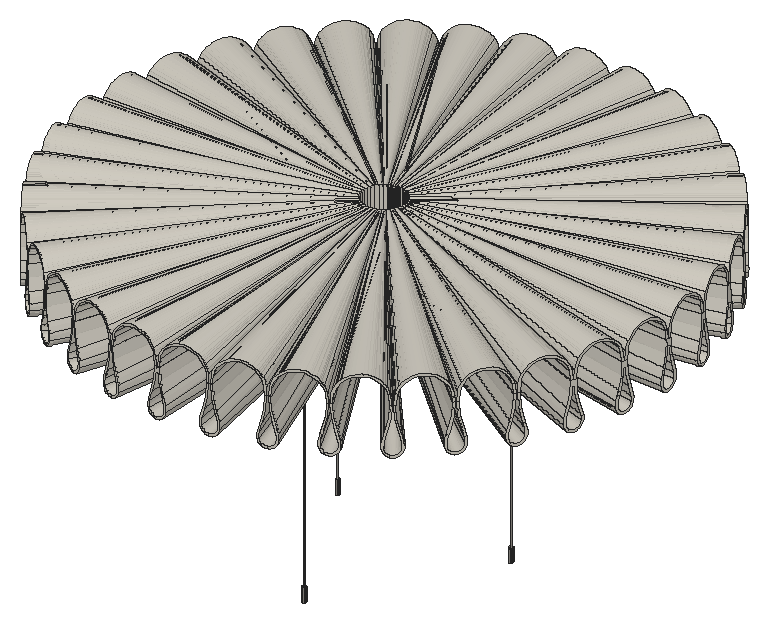
Revit family "Haworth_BuzziPleat_Ripple", category Furniture, host Face, Revit 2018
Family settings
  Host = Face
  Cut with Voids When Loaded = No
  Shared = No
  Room Calculation Point = No
Parameters (values of type "HCBZ-PESS-RL - Large")
  Warranty = "https://www.haworth.com/resources/product-info/warranties"
  URL - Product = "https://www.haworth.com/products/architectural-interiors/acoustic-solutions/buzzipleat"
  URL = "https://www.haworth.com/our-brands/haworth-collection"
  Trim Finish = Haworth _ Paint _ Collection Black
  Note = "Verify Final Dim. w/ Haworth"  # constant formula
  Model = "HCBZ-PESS"  # constant formula
  Min. Cable Length = 10.000"  # constant formula
  Medium = not(Large)  # no
  Max. Cable Length = 196.850"  # constant formula
  Manufacturer = "Haworth"  # constant formula
  Large = yes
  Fabric Finish [instance] = Haworth _ Fabric _ Buzzifelt _ Offwhite BFE-63
  Description = "Haworth BuzziPleat Screen - Ripple - Large"
  Default Elevation = 0.000"
  Cable Length [instance] = 24.000"
  Cable Finish [instance] = Haworth _ Metal _ Polished Aluminum
  Assembly Code = "E2020200"
  Actual Width = Actual Depth  # 59.060"
  Actual Height = if(Large, 7.680", 5.210")  # 7.680"
  Actual Depth = if(Large, 59.060", 39.370")  # 59.060"
  Actual Cable Length [instance] = if(Cable Length < Min. Cable Length, Min. Cable Length, if(Cable Length > Max. Cable Length, Max. Cable Length, Cable Length))  # 24.000"
Types (3): name | URL - Product | Medium | Large | Description | Actual Width | Actual Height | Actual Depth
  (no name) | "https://www.haworth.com/products/architectural-interiors/acoustic-solutions/buzzipleat" | no | yes | "Haworth BuzziPleat Screen - Ripple - Large" | 59.060" | 7.680" | 59.060"
  HCBZ-PESS-RL - Large | "https://www.haworth.com/products/architectural-interiors/acoustic-solutions/buzzipleat" | no | yes | "Haworth BuzziPleat Screen - Ripple - Large" | 59.060" | 7.680" | 59.060"
  HCBZ-PESS-RM - Medium | "https://www.haworth.com/products/architectural-interiors/acoustic-solutions/buzzidonut" | yes | no | "Haworth BuzziPleat Screen - Ripple - Medium" | 39.370" | 5.210" | 39.370"
Reference planes (in)
  plane 1 "Center (Front/Back)": y = 0
  plane 2: z = 0
  plane 3 "Center (Left/Right)": x = 0
  plane 4 "Cable Start": z = 1.37008
  plane 5: z = 25.42008
  plane 6 "Screen Bottom": z = 25.37008
  plane 7 "Back": y = 29.53
  plane 8 "Front": y = -29.53
  plane 9 "Left": x = 29.53
  plane 10 "Right": x = -29.53
Forms (in)
  Extrusion 1, solid, material "Haworth _ Paint _ Collection Black" <- "Trim Finish", visible <- "Medium"
    sketch origin (0, 0, 0) x (1, 0, 0) y (0, 1, 0)
      loop
        circle (0, -7.33625) r 0.19685
    from 0 to 1.37008
  Extrusion 2, solid, material "Haworth _ Metal _ Polished Aluminum" <- "Cable Finish", visible <- "Medium"
    sketch origin (0, 0, 0) x (1, 0, 0) y (0, 1, 0)
      loop
        circle (0, -7.336) r 0.03526
    from 1.37008 to 25.42008
  Extrusion 3, solid, material "Haworth _ Paint _ Collection Black" <- "Trim Finish", visible <- "Medium"
    sketch origin (-0.00471, -0.00816, 0) x (-0.5, 0.866025, 0) y (-0.866025, -0.5, 0)
      loop
        circle (0, -7.33625) r 0.19685
    from 0 to 1.37008
  Extrusion 4, solid, material "Haworth _ Metal _ Polished Aluminum" <- "Cable Finish", visible <- "Medium"
    sketch origin (-0.00471, -0.00816, 0) x (-0.5, 0.866025, 0) y (-0.866025, -0.5, 0)
      loop
        circle (0, -7.336) r 0.03526
    from 1.37008 to 25.42008
  Extrusion 5, solid, material "Haworth _ Paint _ Collection Black" <- "Trim Finish", visible <- "Medium"
    sketch origin (0.00471, -0.00816, 0) x (-0.5, -0.866025, 0) y (0.866025, -0.5, 0)
      loop
        circle (0, -7.33625) r 0.19685
    from 0 to 1.37008
  Extrusion 6, solid, material "Haworth _ Metal _ Polished Aluminum" <- "Cable Finish", visible <- "Medium"
    sketch origin (0.00471, -0.00816, 0) x (-0.5, -0.866025, 0) y (0.866025, -0.5, 0)
      loop
        circle (0, -7.336) r 0.03526
    from 1.37008 to 25.42008
  Extrusion 7, solid, material "Haworth _ Paint _ Collection Black" <- "Trim Finish", visible <- "Large"
    sketch origin (0, 0, 0) x (1, 0, 0) y (0, 1, 0)
      loop
        circle (0, -10.40586) r 0.19685
    from 0 to 1.37008
  Extrusion 8, solid, material "Haworth _ Metal _ Polished Aluminum" <- "Cable Finish", visible <- "Large"
    sketch origin (0, 0, 0) x (1, 0, 0) y (0, 1, 0)
      loop
        circle (0, -10.4094) r 0.04
    from 1.37008 to 25.42008
  Extrusion 9, solid, material "Haworth _ Paint _ Collection Black" <- "Trim Finish", visible <- "Large"
    sketch origin (-0.00471, -0.00816, 0) x (-0.5, 0.866025, 0) y (-0.866025, -0.5, 0)
      loop
        circle (0, -10.40586) r 0.19685
    from 0 to 1.37008
  Extrusion 10, solid, material "Haworth _ Metal _ Polished Aluminum" <- "Cable Finish", visible <- "Large"
    sketch origin (-0.00471, -0.00816, 0) x (-0.5, 0.866025, 0) y (-0.866025, -0.5, 0)
      loop
        circle (0, -10.4094) r 0.04
    from 1.37008 to 25.42008
  Extrusion 11, solid, material "Haworth _ Paint _ Collection Black" <- "Trim Finish", visible <- "Large"
    sketch origin (0.00942, 0, 0) x (-0.5, -0.866025, 0) y (0.866025, -0.5, 0)
      loop
        circle (0, -10.40586) r 0.19685
    from 0 to 1.37008
  Extrusion 12, solid, material "Haworth _ Metal _ Polished Aluminum" <- "Cable Finish", visible <- "Large"
    sketch origin (0.00942, 0, 0) x (-0.5, -0.866025, 0) y (0.866025, -0.5, 0)
      loop
        circle (0, -10.4094) r 0.04
    from 1.37008 to 25.42008
Dimensions and locks (in)
  locked: Extrusion 1 sketch curve to plane 1 "Center (Front/Back)" at 7.33625
  locked: plane 4 "Cable Start" to plane 2 at 1.37008
  locked: plane 5 to plane 6 "Screen Bottom" at 0.05
  "Actual Cable Length": plane 6 "Screen Bottom" to plane 4 "Cable Start"
  locked: Extrusion 2 sketch curve to plane 1 "Center (Front/Back)" at 7.336
  locked: Extrusion 5 sketch curve to plane 3 "Center (Left/Right)" at 6.34867
  locked: plane 1 "Center (Front/Back)" to Extrusion 5 sketch curve at 3.65997
  locked: Extrusion 6 sketch curve to plane 3 "Center (Left/Right)" at 6.34845
  locked: plane 1 "Center (Front/Back)" to Extrusion 6 sketch curve at 3.65984
  locked: plane 3 "Center (Left/Right)" to Extrusion 3 sketch curve at 6.34867
  locked: plane 1 "Center (Front/Back)" to Extrusion 3 sketch curve at 3.65997
  locked: plane 3 "Center (Left/Right)" to Extrusion 4 sketch curve at 6.34845
  locked: plane 1 "Center (Front/Back)" to Extrusion 4 sketch curve at 3.65984
  equal spacing: plane 10 "Right", plane 3 "Center (Left/Right)", plane 9 "Left"
  "Actual Width": plane 10 "Right" to plane 9 "Left"
  equal spacing: plane 7 "Back", plane 1 "Center (Front/Back)", plane 8 "Front"
  "Actual Depth": plane 7 "Back" to plane 8 "Front"
  locked: Extrusion 7 sketch curve to plane 1 "Center (Front/Back)" at 10.40586
  locked: Extrusion 8 sketch curve to plane 1 "Center (Front/Back)" at 10.4094
  locked: plane 3 "Center (Left/Right)" to Extrusion 9 sketch curve at 9.00703
  locked: plane 1 "Center (Front/Back)" to Extrusion 9 sketch curve at 5.19478
  locked: Extrusion 11 sketch curve to plane 3 "Center (Left/Right)" at 9.00232
  locked: plane 1 "Center (Front/Back)" to Extrusion 11 sketch curve at 5.20293
  aligned and locked: plane 2 to host face
  aligned and locked: level to host face
  aligned and locked: plane 1 "Center (Front/Back)" to nested 1
  aligned and locked: plane 3 "Center (Left/Right)" to nested 1
  aligned and locked: Extrusion 1 to plane 2
  aligned and locked: plane 4 "Cable Start" to Extrusion 1
  aligned and locked: nested 1 to plane 6 "Screen Bottom"
  aligned and locked: Extrusion 2 to plane 4 "Cable Start"
  aligned and locked: plane 5 to Extrusion 2
  aligned and locked: Extrusion 5 to plane 2
  aligned and locked: plane 4 "Cable Start" to Extrusion 5
  aligned and locked: Extrusion 6 to plane 4 "Cable Start"
  aligned and locked: Extrusion 1 to plane 4 "Cable Start"  (x2)
  aligned and locked: plane 4 "Cable Start" to Extrusion 2
  aligned and locked: plane 2 to Extrusion 1
  aligned and locked: plane 4 "Cable Start" to Extrusion 3
  aligned and locked: Extrusion 4 to plane 4 "Cable Start"
  aligned and locked: Extrusion 3 to plane 2
  aligned and locked: plane 5 to Extrusion 4
  aligned and locked: plane 5 to Extrusion 6
  aligned and locked: plane 3 "Center (Left/Right)" to Extrusion 7 sketch curve
  aligned and locked: Extrusion 7 to plane 2
  aligned and locked: plane 4 "Cable Start" to Extrusion 7
  aligned and locked: plane 3 "Center (Left/Right)" to Extrusion 8 sketch curve
  aligned and locked: Extrusion 8 to plane 4 "Cable Start"
  aligned and locked: plane 5 to Extrusion 8
  aligned and locked: plane 4 "Cable Start" to Extrusion 9
  aligned and locked: Extrusion 10 to plane 4 "Cable Start"
  aligned and locked: Extrusion 9 to plane 2
  aligned and locked: plane 5 to Extrusion 10
  aligned and locked: plane 5 to Extrusion 12
  aligned and locked: plane 4 "Cable Start" to Extrusion 11
  aligned and locked: Extrusion 12 to plane 4 "Cable Start"
  aligned and locked: Extrusion 11 to plane 2
  aligned and locked: nested 2 to plane 6 "Screen Bottom"
  aligned and locked: plane 3 "Center (Left/Right)" to nested 2
  aligned and locked: plane 1 "Center (Front/Back)" to nested 2
Automatic sketch dimensions
  host sketch curve to host sketch curve = 59.060"  (x2)
  Extrusion 1 sketch curve to plane 3 "Center (Left/Right)" = 0.000"
  Extrusion 2 sketch curve to plane 3 "Center (Left/Right)" = 0.000"
  Extrusion 10 sketch curve to plane 1 "Center (Front/Back)" = 5.19654"
  plane 3 "Center (Left/Right)" to Extrusion 10 sketch curve = 9.0101"
  Extrusion 12 sketch curve to plane 1 "Center (Front/Back)" = 5.2047"
  Extrusion 12 sketch curve to plane 3 "Center (Left/Right)" = 9.00539"
  radius of Extrusion 1 sketch curve = 0.19685"
  radius of Extrusion 2 sketch curve = 0.03526"
  radius of Extrusion 3 sketch curve = 0.19685"
  radius of Extrusion 4 sketch curve = 0.03526"
  radius of Extrusion 5 sketch curve = 0.19685"
  radius of Extrusion 6 sketch curve = 0.03526"
  radius of Extrusion 7 sketch curve = 0.19685"
  radius of Extrusion 8 sketch curve = 0.040"
  radius of Extrusion 9 sketch curve = 0.19685"
  radius of Extrusion 10 sketch curve = 0.040"
  radius of Extrusion 11 sketch curve = 0.19685"
  radius of Extrusion 12 sketch curve = 0.040"
Nested families (in)
  nested 1: "Haworth_BuzziPleat_Ripple_Medium_PART" at (0, 0, 25.37008), visible <- "Medium", type "Screen"
  nested 2: "Haworth_BuzziPleat_Ripple_Large_PART" at (0, 0, 25.37008), visible <- "Large", type "Screen"
Definition of nested family "Haworth_BuzziPleat_Ripple_Medium_PART"
  Parameters (values of type "Screen")
    Warranty = "https://www.haworth.com/resources/product-info/warranties"
    URL - Product = "https://www.haworth.com/products/architectural-interiors/acoustic-solutions/buzzipleat"
    URL = "https://www.haworth.com/our-brands/haworth-collection"
    Trim Finish = none
    Revision = "1"  # constant formula
    Note = "Verify Final Dim. w/ Haworth"  # constant formula
    Model = "HCBZ-PESS"  # constant formula
    Manufacturer = "Haworth"  # constant formula
    Fabric Finish = none
    Description = "Haworth - BuzziPleat - Medium Ripple Part"  # constant formula
    Author = "Haworth (Alias)"  # constant formula
    Assembly Code = "E2020200"
    Actual Width = 39.370"  # constant formula
    Actual Height = 5.210"  # constant formula
    Actual Depth = 39.370"  # constant formula
  Reference planes (in)
    plane 1 "Center (Front/Back)": y = 0
    plane 2: z = 0
    plane 3 "Center (Left/Right)": x = 0
    plane 4: z = 5.21
    plane 5 "Side Blend": through (-2.08982, -31.31606, 47.24409) normal (-0.0872, 0.9962, 0)
    plane 6 "Back": y = 19.685
    plane 7 "Front": y = -19.685
    plane 8 "Right": x = 19.685
    plane 9 "Left": x = -19.685
  Forms (in)
    Revolve 1, solid, material <- "Trim Finish"
      sketch origin (0, 0, 0) x (0, 1, 0) y (0, 0, 1)
        loop
          circle (-3.34646, 0.15003) r 0.19685
        loop
          circle (-7.28333, 0.14704) r 0.19685
        axis (0, 0.14704) -> (0, 0.18641)
      angle from 0 to 360
  Lines and regions (in)
    Masking region 1
      outline origin (0, 0, 0) x (1, 0, 0) y (0, 1, 0)
        loop
          circle (0, 0) r 19.685
    symbolic lines, detail levels medium+fine
      curve 1: circle (0, 0, 0) r 2.065 normal (0, 0, 1)
  Dimensions and locks (in)
    equal spacing: plane 7 "Front", plane 1 "Center (Front/Back)", plane 6 "Back"
    "Actual Depth": plane 6 "Back" to plane 7 "Front"
    equal spacing: plane 9 "Left", plane 3 "Center (Left/Right)", plane 8 "Right"
    "Actual Width": plane 9 "Left" to plane 8 "Right"
    "Actual Height": plane 4 to plane 2
    aligned and locked: level to plane 2
    aligned and locked: Revolve 1 sketch curve to plane 1 "Center (Front/Back)"
    aligned and locked: plane 1 "Center (Front/Back)" to Masking region 1 sketch curve
    aligned and locked: plane 3 "Center (Left/Right)" to Masking region 1 sketch curve
    aligned and locked: plane 1 "Center (Front/Back)" to nested 2
    aligned and locked: plane 1 "Center (Front/Back)" to nested 1
    aligned and locked: plane 3 "Center (Left/Right)" to nested 1
    aligned and locked: plane 3 "Center (Left/Right)" to nested 2
  Automatic sketch dimensions
    plane 1 "Center (Front/Back)" to curve 1 = 0.000"
    curve 1 to plane 3 "Center (Left/Right)" = 0.000"
    level to Revolve 1 sketch curve = 0.14704"
    level to Revolve 1 sketch curve = 0.15003"
    Revolve 1 sketch curve to level = 4.000"
    plane 4 to Revolve 1 sketch curve = 1.070"
    plane 1 "Center (Front/Back)" to Revolve 1 sketch curve = 3.34646"
    Revolve 1 sketch curve to Revolve 1 sketch curve = 3.93687"
    radius of Masking region 1 sketch curve = 19.685"
    radius of curve 1 = 2.065"
    radius of Revolve 1 sketch curve = 0.19685"  (x2)
  Nested families (in)
    nested 1: "Haworth_BuzziPleat_Ripple_MediumTop_PART" at (0, 0, 0), type "Screen"
    nested 2: "Haworth_BuzziPleat_Ripple_MediumBottom_PART" at (0, 0, 0), type "Screen"
    nested 3: "Haworth_BuzziPleat_Ripple_MediumTop_PART" at (-0.00107, -0.00009, 0) x (0.9848, 0.1736, 0) z (0, 0, 1), type "Screen"
    nested 4: "Haworth_BuzziPleat_Ripple_MediumTop_PART" at (-0.00211, -0.00037, 0) x (0.9397, 0.342, 0) z (0, 0, 1), type "Screen"
    nested 5: "Haworth_BuzziPleat_Ripple_MediumTop_PART" at (-0.00308, -0.00082, 0) x (0.866, 0.5, 0) z (0, 0, 1), type "Screen"
    nested 6: "Haworth_BuzziPleat_Ripple_MediumTop_PART" at (-0.00396, -0.00144, 0) x (0.766, 0.6428, 0) z (0, 0, 1), type "Screen"
    nested 7: "Haworth_BuzziPleat_Ripple_MediumTop_PART" at (-0.00472, -0.0022, 0) x (0.6428, 0.766, 0) z (0, 0, 1), type "Screen"
    nested 8: "Haworth_BuzziPleat_Ripple_MediumTop_PART" at (-0.00533, -0.00308, 0) x (0.5, 0.866, 0) z (0, 0, 1), type "Screen"
    nested 9: "Haworth_BuzziPleat_Ripple_MediumTop_PART" at (-0.00579, -0.00405, 0) x (0.342, 0.9397, 0) z (0, 0, 1), type "Screen"
    nested 10: "Haworth_BuzziPleat_Ripple_MediumTop_PART" at (-0.00606, -0.00509, 0) x (0.1736, 0.9848, 0) z (0, 0, 1), type "Screen"
    nested 11: "Haworth_BuzziPleat_Ripple_MediumTop_PART" at (-0.00616, -0.00616, 0) x (0, 1, 0) z (0, 0, 1), type "Screen"
    nested 12: "Haworth_BuzziPleat_Ripple_MediumTop_PART" at (-0.00606, -0.00723, 0) x (-0.1736, 0.9848, 0) z (0, 0, 1), type "Screen"
    nested 13: "Haworth_BuzziPleat_Ripple_MediumTop_PART" at (-0.00579, -0.00826, 0) x (-0.342, 0.9397, 0) z (0, 0, 1), type "Screen"
    nested 14: "Haworth_BuzziPleat_Ripple_MediumTop_PART" at (-0.00533, -0.00924, 0) x (-0.5, 0.866, 0) z (0, 0, 1), type "Screen"
    nested 15: "Haworth_BuzziPleat_Ripple_MediumTop_PART" at (-0.00472, -0.01012, 0) x (-0.6428, 0.766, 0) z (0, 0, 1), type "Screen"
    nested 16: "Haworth_BuzziPleat_Ripple_MediumTop_PART" at (-0.00396, -0.01087, 0) x (-0.766, 0.6428, 0) z (0, 0, 1), type "Screen"
    nested 17: "Haworth_BuzziPleat_Ripple_MediumTop_PART" at (-0.00308, -0.01149, 0) x (-0.866, 0.5, 0) z (0, 0, 1), type "Screen"
    nested 18: "Haworth_BuzziPleat_Ripple_MediumTop_PART" at (-0.00211, -0.01194, 0) x (-0.9397, 0.342, 0) z (0, 0, 1), type "Screen"
    nested 19: "Haworth_BuzziPleat_Ripple_MediumTop_PART" at (-0.00107, -0.01222, 0) x (-0.9848, 0.1736, 0) z (0, 0, 1), type "Screen"
    nested 20: "Haworth_BuzziPleat_Ripple_MediumTop_PART" at (0, -0.01231, 0) x (-1, 0, 0) z (0, 0, 1), type "Screen"
    nested 21: "Haworth_BuzziPleat_Ripple_MediumTop_PART" at (0.00107, -0.01222, 0) x (-0.9848, -0.1736, 0) z (0, 0, 1), type "Screen"
    nested 22: "Haworth_BuzziPleat_Ripple_MediumTop_PART" at (0.00211, -0.01194, 0) x (-0.9397, -0.342, 0) z (0, 0, 1), type "Screen"
    nested 23: "Haworth_BuzziPleat_Ripple_MediumTop_PART" at (0.00308, -0.01149, 0) x (-0.866, -0.5, 0) z (0, 0, 1), type "Screen"
    nested 24: "Haworth_BuzziPleat_Ripple_MediumTop_PART" at (0.00396, -0.01087, 0) x (-0.766, -0.6428, 0) z (0, 0, 1), type "Screen"
    nested 25: "Haworth_BuzziPleat_Ripple_MediumTop_PART" at (0.00472, -0.01012, 0) x (-0.6428, -0.766, 0) z (0, 0, 1), type "Screen"
    nested 26: "Haworth_BuzziPleat_Ripple_MediumTop_PART" at (0.00533, -0.00924, 0) x (-0.5, -0.866, 0) z (0, 0, 1), type "Screen"
    nested 27: "Haworth_BuzziPleat_Ripple_MediumTop_PART" at (0.00579, -0.00826, 0) x (-0.342, -0.9397, 0) z (0, 0, 1), type "Screen"
    nested 28: "Haworth_BuzziPleat_Ripple_MediumTop_PART" at (0.00606, -0.00723, 0) x (-0.1736, -0.9848, 0) z (0, 0, 1), type "Screen"
    nested 29: "Haworth_BuzziPleat_Ripple_MediumTop_PART" at (0.00616, -0.00616, 0) x (0, -1, 0) z (0, 0, 1), type "Screen"
    nested 30: "Haworth_BuzziPleat_Ripple_MediumTop_PART" at (0.00606, -0.00509, 0) x (0.1736, -0.9848, 0) z (0, 0, 1), type "Screen"
    nested 31: "Haworth_BuzziPleat_Ripple_MediumTop_PART" at (0.00579, -0.00405, 0) x (0.342, -0.9397, 0) z (0, 0, 1), type "Screen"
    nested 32: "Haworth_BuzziPleat_Ripple_MediumTop_PART" at (0.00533, -0.00308, 0) x (0.5, -0.866, 0) z (0, 0, 1), type "Screen"
    nested 33: "Haworth_BuzziPleat_Ripple_MediumTop_PART" at (0.00472, -0.0022, 0) x (0.6428, -0.766, 0) z (0, 0, 1), type "Screen"
    nested 34: "Haworth_BuzziPleat_Ripple_MediumTop_PART" at (0.00396, -0.00144, 0) x (0.766, -0.6428, 0) z (0, 0, 1), type "Screen"
    nested 35: "Haworth_BuzziPleat_Ripple_MediumTop_PART" at (0.00308, -0.00082, 0) x (0.866, -0.5, 0) z (0, 0, 1), type "Screen"
    nested 36: "Haworth_BuzziPleat_Ripple_MediumTop_PART" at (0.00211, -0.00037, 0) x (0.9397, -0.342, 0) z (0, 0, 1), type "Screen"
    nested 37: "Haworth_BuzziPleat_Ripple_MediumTop_PART" at (0.00107, -0.00009, 0) x (0.9848, -0.1736, 0) z (0, 0, 1), type "Screen"
    nested 38: "Haworth_BuzziPleat_Ripple_MediumBottom_PART" at (0, 0, 0) x (0.9848, 0.1736, 0) z (0, 0, 1), type "Screen"
    nested 39: "Haworth_BuzziPleat_Ripple_MediumBottom_PART" at (0, 0, 0) x (0.9397, 0.342, 0) z (0, 0, 1), type "Screen"
    nested 40: "Haworth_BuzziPleat_Ripple_MediumBottom_PART" at (0, 0, 0) x (0.866, 0.5, 0) z (0, 0, 1), type "Screen"
    nested 41: "Haworth_BuzziPleat_Ripple_MediumBottom_PART" at (0, 0, 0) x (0.766, 0.6428, 0) z (0, 0, 1), type "Screen"
    nested 42: "Haworth_BuzziPleat_Ripple_MediumBottom_PART" at (0, 0, 0) x (0.6428, 0.766, 0) z (0, 0, 1), type "Screen"
    nested 43: "Haworth_BuzziPleat_Ripple_MediumBottom_PART" at (0, 0, 0) x (0.5, 0.866, 0) z (0, 0, 1), type "Screen"
    nested 44: "Haworth_BuzziPleat_Ripple_MediumBottom_PART" at (0, 0, 0) x (0.342, 0.9397, 0) z (0, 0, 1), type "Screen"
    nested 45: "Haworth_BuzziPleat_Ripple_MediumBottom_PART" at (0, 0, 0) x (0.1736, 0.9848, 0) z (0, 0, 1), type "Screen"
    nested 46: "Haworth_BuzziPleat_Ripple_MediumBottom_PART" at (0, 0, 0) x (0, 1, 0) z (0, 0, 1), type "Screen"
    nested 47: "Haworth_BuzziPleat_Ripple_MediumBottom_PART" at (0, 0, 0) x (-0.1736, 0.9848, 0) z (0, 0, 1), type "Screen"
    nested 48: "Haworth_BuzziPleat_Ripple_MediumBottom_PART" at (0, 0, 0) x (-0.342, 0.9397, 0) z (0, 0, 1), type "Screen"
    nested 49: "Haworth_BuzziPleat_Ripple_MediumBottom_PART" at (0, 0, 0) x (-0.5, 0.866, 0) z (0, 0, 1), type "Screen"
    nested 50: "Haworth_BuzziPleat_Ripple_MediumBottom_PART" at (0, 0, 0) x (-0.6428, 0.766, 0) z (0, 0, 1), type "Screen"
    nested 51: "Haworth_BuzziPleat_Ripple_MediumBottom_PART" at (0, 0, 0) x (-0.766, 0.6428, 0) z (0, 0, 1), type "Screen"
    nested 52: "Haworth_BuzziPleat_Ripple_MediumBottom_PART" at (0, 0, 0) x (-0.866, 0.5, 0) z (0, 0, 1), type "Screen"
    nested 53: "Haworth_BuzziPleat_Ripple_MediumBottom_PART" at (0, 0, 0) x (-0.9397, 0.342, 0) z (0, 0, 1), type "Screen"
    nested 54: "Haworth_BuzziPleat_Ripple_MediumBottom_PART" at (0, 0, 0) x (-0.9848, 0.1736, 0) z (0, 0, 1), type "Screen"
    nested 55: "Haworth_BuzziPleat_Ripple_MediumBottom_PART" at (0, 0, 0) x (-1, 0, 0) z (0, 0, 1), type "Screen"
    nested 56: "Haworth_BuzziPleat_Ripple_MediumBottom_PART" at (0, 0, 0) x (-0.9848, -0.1736, 0) z (0, 0, 1), type "Screen"
    nested 57: "Haworth_BuzziPleat_Ripple_MediumBottom_PART" at (0, 0, 0) x (-0.9397, -0.342, 0) z (0, 0, 1), type "Screen"
    nested 58: "Haworth_BuzziPleat_Ripple_MediumBottom_PART" at (0, 0, 0) x (-0.866, -0.5, 0) z (0, 0, 1), type "Screen"
    nested 59: "Haworth_BuzziPleat_Ripple_MediumBottom_PART" at (0, 0, 0) x (-0.766, -0.6428, 0) z (0, 0, 1), type "Screen"
    nested 60: "Haworth_BuzziPleat_Ripple_MediumBottom_PART" at (0, 0, 0) x (-0.6428, -0.766, 0) z (0, 0, 1), type "Screen"
    nested 61: "Haworth_BuzziPleat_Ripple_MediumBottom_PART" at (0, 0, 0) x (-0.5, -0.866, 0) z (0, 0, 1), type "Screen"
    nested 62: "Haworth_BuzziPleat_Ripple_MediumBottom_PART" at (0, 0, 0) x (-0.342, -0.9397, 0) z (0, 0, 1), type "Screen"
    nested 63: "Haworth_BuzziPleat_Ripple_MediumBottom_PART" at (0, 0, 0) x (-0.1736, -0.9848, 0) z (0, 0, 1), type "Screen"
    nested 64: "Haworth_BuzziPleat_Ripple_MediumBottom_PART" at (0, 0, 0) x (0, -1, 0) z (0, 0, 1), type "Screen"
    nested 65: "Haworth_BuzziPleat_Ripple_MediumBottom_PART" at (0, 0, 0) x (0.1736, -0.9848, 0) z (0, 0, 1), type "Screen"
    nested 66: "Haworth_BuzziPleat_Ripple_MediumBottom_PART" at (0, 0, 0) x (0.342, -0.9397, 0) z (0, 0, 1), type "Screen"
    nested 67: "Haworth_BuzziPleat_Ripple_MediumBottom_PART" at (0, 0, 0) x (0.5, -0.866, 0) z (0, 0, 1), type "Screen"
    nested 68: "Haworth_BuzziPleat_Ripple_MediumBottom_PART" at (0, 0, 0) x (0.6428, -0.766, 0) z (0, 0, 1), type "Screen"
    nested 69: "Haworth_BuzziPleat_Ripple_MediumBottom_PART" at (0, 0, 0) x (0.766, -0.6428, 0) z (0, 0, 1), type "Screen"
    nested 70: "Haworth_BuzziPleat_Ripple_MediumBottom_PART" at (0, 0, 0) x (0.866, -0.5, 0) z (0, 0, 1), type "Screen"
    nested 71: "Haworth_BuzziPleat_Ripple_MediumBottom_PART" at (0, 0, 0) x (0.9397, -0.342, 0) z (0, 0, 1), type "Screen"
    nested 72: "Haworth_BuzziPleat_Ripple_MediumBottom_PART" at (0, 0, 0) x (0.9848, -0.1736, 0) z (0, 0, 1), type "Screen"
  Definition of nested family "Haworth_BuzziPleat_Ripple_MediumTop_PART"
    Parameters (values of type "Screen")
      Warranty = "https://www.haworth.com/resources/product-info/warranties"
      URL - Product = "https://www.haworth.com/products/architectural-interiors/acoustic-solutions/buzzipleat"
      URL = "https://www.haworth.com/our-brands/haworth-collection"
      Revision = "1"  # constant formula
      Note = "Verify Final Dim. w/ Haworth"  # constant formula
      Model = "HCBZ-PESS"  # constant formula
      Manufacturer = "Haworth"  # constant formula
      Fabric Finish = none
      Description = "Haworth - BuzziPleat - Medium Ripple Part1"  # constant formula
      Author = "Haworth (Alias)"  # constant formula
      Assembly Code = "E2020200"
      Actual Width = 39.370"  # constant formula
      Actual Height = 5.210"  # constant formula
      Actual Depth = 39.370"  # constant formula
    Reference planes (in)
      plane 1 "Center (Front/Back)": y = 0
      plane 2: z = 0
      plane 3 "Center (Left/Right)": x = 0
      plane 4 "Side Blend": through (-2.08982, -31.31606, 47.24409) normal (-0.0872, 0.9962, 0)
      plane 5 "Back": y = 19.685
      plane 6 "Front": y = -19.685
      plane 7 "Right": x = 19.685
      plane 8 "Left": x = -19.685
      plane 9: z = 5.21
    Forms (in)
      Blend 1, solid, material <- "Fabric Finish"
        base sketch origin (2.70311, -30.89673, 0) x (-0.996195, -0.087156, 0) y (0, 0, 1)
          loop
            arc (1.49254, 3.58699) -> (1.50203, 3.2976) -> (1.49756, 3.00809) r 6
            line (1.49756, 3.00809) -> (1.69771, 3.00809)
            arc (1.69771, 3.00809) -> (1.70199, 3.30329) -> (1.69221, 3.59837) r 6.2
            arc (1.69221, 3.59837) -> (-0.01322, 5.20937) -> (-1.71866, 3.59837) r 1.7082
            arc (-1.71866, 3.59837) -> (-1.72844, 3.30329) -> (-1.72415, 3.00809) r 6.2
            line (-1.72415, 3.00809) -> (-1.524, 3.00809)
            arc (-1.524, 3.00809) -> (-1.52848, 3.2976) -> (-1.51898, 3.58699) r 6
            arc (-1.51898, 3.58699) -> (-0.01322, 5.00937) -> (1.49254, 3.58699) r 1.5082
        top sketch origin (2.70311, -30.89673, 0) x (-0.996195, -0.087156, 0) y (0, 0, 1)
          loop
            line (0.17066, 3.00851) -> (0.17066, 4.99977)
            arc (0.17066, 4.99977) -> (-0.03934, 5.20977) -> (-0.24934, 4.99977) r 0.21
            line (-0.24934, 4.99977) -> (-0.24934, 3.00851) -> (-0.04934, 3.00851) -> (-0.04934, 4.99977)
            arc (-0.04934, 4.99977) -> (-0.03934, 5.00977) -> (-0.02934, 4.99977) r 0.01
            line (-0.02934, 4.99977) -> (-0.02934, 3.00851) -> (0.17066, 3.00851)
        from 11.3911 to 28.96189
    Dimensions and locks (in)
      equal spacing: plane 6 "Front", plane 1 "Center (Front/Back)", plane 5 "Back"
      "Actual Depth": plane 5 "Back" to plane 6 "Front"
      equal spacing: plane 8 "Left", plane 3 "Center (Left/Right)", plane 7 "Right"
      "Actual Width": plane 8 "Left" to plane 7 "Right"
      "Actual Height": plane 9 to plane 2
      aligned and locked: level to plane 2
    Automatic sketch dimensions
      Blend 1 sketch curve to Blend 1 sketch curve = 0.20517"
      Blend 1 sketch curve to Blend 1 sketch curve = 0.000"  (x16)
      Blend 1 sketch curve to Blend 1 sketch curve = 2.97374"
      Blend 1 sketch curve to Blend 1 sketch curve = 0.20015"  (x2)
      Blend 1 sketch curve to Blend 1 sketch curve = 0.19968"  (x2)
      Blend 1 sketch curve to Blend 1 sketch curve = 0.01138"
      level to Blend 1 sketch curve = 3.24558"
      Blend 1 sketch curve to Blend 1 sketch curve = 2.77359"
      Blend 1 sketch curve to Blend 1 sketch curve = 1.51078"  (x2)
      Blend 1 sketch curve to Blend 1 sketch curve = 1.99126"
      Blend 1 sketch curve to Blend 1 sketch curve = 0.010"
      Blend 1 sketch curve to Blend 1 sketch curve = 0.200"
      level to Blend 1 sketch curve = 4.99977"
  Definition of nested family "Haworth_BuzziPleat_Ripple_MediumBottom_PART"
    Parameters (values of type "Screen")
      Warranty = "https://www.haworth.com/resources/product-info/warranties"
      URL - Product = "https://www.haworth.com/products/architectural-interiors/acoustic-solutions/buzzipleat"
      URL = "https://www.haworth.com/our-brands/haworth-collection"
      Revision = "1"  # constant formula
      Note = "Verify Final Dim. w/ Haworth"  # constant formula
      Model = "HCBZ-PESS"  # constant formula
      Manufacturer = "Haworth"  # constant formula
      Fabric Finish = none
      Description = "Haworth - BuzziPleat - Medium Ripple Part1"  # constant formula
      Author = "Haworth (Alias)"  # constant formula
      Assembly Code = "E2020200"
      Actual Width = 39.370"  # constant formula
      Actual Height = 5.210"  # constant formula
      Actual Depth = 39.370"  # constant formula
    Reference planes (in)
      plane 1 "Center (Front/Back)": y = 0
      plane 2: z = 0
      plane 3 "Center (Left/Right)": x = 0
      plane 4 "Side Blend": through (-2.08982, -31.31606, 47.24409) normal (-0.0872, 0.9962, 0)
      plane 5 "Back": y = 19.685
      plane 6 "Front": y = -19.685
      plane 7 "Right": x = 19.685
      plane 8 "Left": x = -19.685
      plane 9: z = 5.21
    Forms (in)
      Blend 1, solid, material <- "Fabric Finish"
        base sketch origin (0, 0, 0) x (1, 0, 0) y (0, 0, 1)
          loop
            line (0.06089, 2.42473) -> (0.36381, 0.82872)
            arc (0.36381, 0.82872) -> (0.38045, 0.68467) -> (0.37608, 0.53973) r 1
            arc (0.37608, 0.53973) -> (0, 0.20042) -> (-0.37608, 0.53973) r 0.37807
            arc (-0.37608, 0.53973) -> (-0.38045, 0.68467) -> (-0.36381, 0.82872) r 1
            line (-0.36381, 0.82872) -> (-0.06089, 2.42473)
            arc (-0.06089, 2.42473) -> (-0.02299, 2.71541) -> (-0.01892, 3.00851) r 2.53291
            line (-0.01892, 3.00851) -> (-0.21913, 3.00851)
            arc (-0.21913, 3.00851) -> (-0.22216, 2.73414) -> (-0.25738, 2.46203) r 2.33291
            line (-0.25738, 2.46203) -> (-0.5603, 0.86601)
            arc (-0.5603, 0.86601) -> (-0.58027, 0.69315) -> (-0.57502, 0.51922) r 1.2
            arc (-0.57502, 0.51922) -> (0, 0.00042) -> (0.57502, 0.51922) r 0.57807
            arc (0.57502, 0.51922) -> (0.58027, 0.69315) -> (0.5603, 0.86601) r 1.2
            line (0.5603, 0.86601) -> (0.25738, 2.46203)
            arc (0.25738, 2.46203) -> (0.22216, 2.73414) -> (0.21913, 3.00851) r 2.33291
            line (0.21913, 3.00851) -> (0.01892, 3.00851)
            arc (0.01892, 3.00851) -> (0.02299, 2.71541) -> (0.06089, 2.42473) r 2.53291
        top sketch origin (0, 0, 0) x (1, 0, 0) y (0, 0, 1)
          loop
            line (-0.01, 0.21213) -> (-0.01, 1.28672) -> (-0.01, 2.36144) -> (-0.01, 3.00851) -> (-0.21, 3.00851) -> (-0.21, 2.36144) -> (-0.21, 1.28672) -> (-0.21, 0.212)
            arc (-0.21, 0.212) -> (0, 0.002) -> (0.21, 0.212) r 0.21
            line (0.21, 0.212) -> (0.21, 1.28672) -> (0.21, 2.36144) -> (0.21, 3.00851) -> (0.01, 3.00851) -> (0.01, 2.36144) -> (0.01, 1.28672) -> (0.01, 0.21213)
            arc (0.01, 0.21213) -> (0, 0.20213) -> (-0.01, 0.21213) r 0.01
        from 19.685 to 2.0637
    Dimensions and locks (in)
      equal spacing: plane 6 "Front", plane 1 "Center (Front/Back)", plane 5 "Back"
      "Actual Depth": plane 5 "Back" to plane 6 "Front"
      equal spacing: plane 8 "Left", plane 3 "Center (Left/Right)", plane 7 "Right"
      "Actual Width": plane 8 "Left" to plane 7 "Right"
      "Actual Height": plane 9 to plane 2
      aligned and locked: level to plane 2
    Automatic sketch dimensions
      Blend 1 sketch curve to Blend 1 sketch curve = 0.000"  (x20)
      Blend 1 sketch curve to plane 3 "Center (Left/Right)" = 0.000"  (x3)
      Blend 1 sketch curve to plane 3 "Center (Left/Right)" = 0.06089"
      Blend 1 sketch curve to Blend 1 sketch curve = 0.19649"  (x4)
      Blend 1 sketch curve to plane 3 "Center (Left/Right)" = 0.36381"
      Blend 1 sketch curve to Blend 1 sketch curve = 0.05835"  (x2)
      Blend 1 sketch curve to Blend 1 sketch curve = 2.292"  (x2)
      plane 3 "Center (Left/Right)" to Blend 1 sketch curve = 0.01892"
      plane 3 "Center (Left/Right)" to Blend 1 sketch curve = 0.06089"
      Blend 1 sketch curve to Blend 1 sketch curve = 0.20021"
      plane 3 "Center (Left/Right)" to Blend 1 sketch curve = 0.36381"
      level to Blend 1 sketch curve = 0.57849"
      Blend 1 sketch curve to Blend 1 sketch curve = 0.06376"  (x2)
      Blend 1 sketch curve to Blend 1 sketch curve = 0.18647"  (x2)
      Blend 1 sketch curve to Blend 1 sketch curve = 0.03729"  (x4)
      Blend 1 sketch curve to Blend 1 sketch curve = 1.59601"
      Blend 1 sketch curve to Blend 1 sketch curve = 0.43501"
      Blend 1 sketch curve to plane 3 "Center (Left/Right)" = 0.01892"
      Blend 1 sketch curve to plane 3 "Center (Left/Right)" = 0.010"
      level to Blend 1 sketch curve = 0.212"
      Blend 1 sketch curve to Blend 1 sketch curve = 0.00013"
      Blend 1 sketch curve to Blend 1 sketch curve = 1.07472"  (x2)
      Blend 1 sketch curve to Blend 1 sketch curve = 0.200"
      Blend 1 sketch curve to Blend 1 sketch curve = 0.64707"
Definition of nested family "Haworth_BuzziPleat_Ripple_Large_PART"
  Parameters (values of type "Screen")
    Warranty = "https://www.haworth.com/resources/product-info/warranties"
    URL - Product = "https://www.haworth.com/products/architectural-interiors/acoustic-solutions/buzzipleat"
    URL = "https://www.haworth.com/our-brands/haworth-collection"
    Trim Finish = none
    Revision = "1"  # constant formula
    Note = "Verify Final Dim. w/ Haworth"  # constant formula
    Model = "HCBZ-PESS"  # constant formula
    Manufacturer = "Haworth"  # constant formula
    Fabric Finish = none
    Description = "Haworth - BuzziPleat - Large Ripple Part"  # constant formula
    Author = "Haworth (Alias)"  # constant formula
    Assembly Code = "E2020200"
    Actual Width = 59.060"  # constant formula
    Actual Height = 7.680"  # constant formula
    Actual Depth = 59.060"  # constant formula
  Reference planes (in)
    plane 1 "Center (Front/Back)": y = 0
    plane 2: z = 0
    plane 3 "Center (Left/Right)": x = 0
    plane 4 "Front": y = -29.53
    plane 5 "Back": y = 29.53
    plane 6 "Left": x = 29.53
    plane 7 "Right": x = -29.53
    plane 8: z = 7.68
  Forms (in)
    Revolve 1, solid, material <- "Trim Finish"
      sketch origin (0, 0, 0) x (0, 1, 0) y (0, 0, 1)
        loop
          circle (-10.27457, 0.19685) r 0.19685
        loop
          circle (-3.29562, 0.19685) r 0.19685
        axis (0, 0.19685) -> (0, 0.23622)
      angle from 0 to 360
    Extrusion 2, solid, material <- "Trim Finish"
      sketch origin (0, 0, 0) x (1, 0, 0) y (0, 0, 1)
        loop
          circle (0, 0.19685) r 0.185
      from 3.33496 to 10.28578
    Extrusion 3, solid, material <- "Trim Finish"
      sketch origin (0, 0, 0) x (-0.5, 0.866025, 0) y (0, 0, 1)
        loop
          circle (0, 0.19685) r 0.185
      from 3.33496 to 10.28578
    Extrusion 4, solid, material <- "Trim Finish"
      sketch origin (0, 0, 0) x (-0.5, -0.866025, 0) y (0, 0, 1)
        loop
          circle (0, 0.19685) r 0.185
      from 3.33496 to 10.28578
  Lines and regions (in)
    Masking region 1
      outline origin (0, 0, 0) x (1, 0, 0) y (0, 1, 0)
        loop
          circle (0, 0) r 29.5
    symbolic lines, detail levels medium+fine
      curve 1: circle (0, 0, 0) r 2.065 normal (0, 0, 1)
  Dimensions and locks (in)
    equal spacing: plane 5 "Back", plane 1 "Center (Front/Back)", plane 4 "Front"
    "Actual Depth": plane 5 "Back" to plane 4 "Front"
    equal spacing: plane 7 "Right", plane 3 "Center (Left/Right)", plane 6 "Left"
    "Actual Width": plane 7 "Right" to plane 6 "Left"
    "Actual Height": plane 8 to plane 2
    aligned and locked: level to plane 2
    aligned and locked: Revolve 1 sketch curve to plane 1 "Center (Front/Back)"
    aligned and locked: plane 1 "Center (Front/Back)" to Masking region 1 sketch curve
    aligned and locked: plane 3 "Center (Left/Right)" to Masking region 1 sketch curve
    aligned and locked: plane 3 "Center (Left/Right)" to nested 1
    aligned and locked: plane 1 "Center (Front/Back)" to nested 1
    aligned and locked: plane 1 "Center (Front/Back)" to nested 2
    aligned and locked: plane 3 "Center (Left/Right)" to nested 2
  Automatic sketch dimensions
    level to Revolve 1 sketch curve = 0.19685"  (x2)
    plane 1 "Center (Front/Back)" to Revolve 1 sketch curve = 3.29562"
    Revolve 1 sketch curve to Revolve 1 sketch curve = 6.97895"
    Revolve 1 sketch curve to level = 4.000"
    plane 8 to Revolve 1 sketch curve = 1.070"
    plane 1 "Center (Front/Back)" to curve 1 = 0.000"
    curve 1 to plane 3 "Center (Left/Right)" = 0.000"
    radius of Revolve 1 sketch curve = 0.19685"  (x2)
    radius of Extrusion 2 sketch curve = 0.185"
    radius of Extrusion 3 sketch curve = 0.185"
    radius of Extrusion 4 sketch curve = 0.185"
    radius of Masking region 1 sketch curve = 29.500"
    radius of curve 1 = 2.065"
  Nested families (in)
    nested 1: "Haworth_BuzziPleat_Ripple_LargeTop_PART" at (0, 0, 0), type "Screen"
    nested 2: "Haworth_BuzziPleat_Ripple_LargeBottom_PART" at (0, 0, 0), type "Screen"
    nested 3: "Haworth_BuzziPleat_Ripple_LargeBottom_PART" at (0, 0, 0) x (0.9848, 0.1736, 0) z (0, 0, 1), type "Screen"
    nested 4: "Haworth_BuzziPleat_Ripple_LargeBottom_PART" at (0, 0, 0) x (0.9397, 0.342, 0) z (0, 0, 1), type "Screen"
    nested 5: "Haworth_BuzziPleat_Ripple_LargeBottom_PART" at (0, 0, 0) x (0.866, 0.5, 0) z (0, 0, 1), type "Screen"
    nested 6: "Haworth_BuzziPleat_Ripple_LargeBottom_PART" at (0, 0, 0) x (0.766, 0.6428, 0) z (0, 0, 1), type "Screen"
    nested 7: "Haworth_BuzziPleat_Ripple_LargeBottom_PART" at (0, 0, 0) x (0.6428, 0.766, 0) z (0, 0, 1), type "Screen"
    nested 8: "Haworth_BuzziPleat_Ripple_LargeBottom_PART" at (0, 0, 0) x (0.5, 0.866, 0) z (0, 0, 1), type "Screen"
    nested 9: "Haworth_BuzziPleat_Ripple_LargeBottom_PART" at (0, 0, 0) x (0.342, 0.9397, 0) z (0, 0, 1), type "Screen"
    nested 10: "Haworth_BuzziPleat_Ripple_LargeBottom_PART" at (0, 0, 0) x (0.1736, 0.9848, 0) z (0, 0, 1), type "Screen"
    nested 11: "Haworth_BuzziPleat_Ripple_LargeBottom_PART" at (0, 0, 0) x (0, 1, 0) z (0, 0, 1), type "Screen"
    nested 12: "Haworth_BuzziPleat_Ripple_LargeBottom_PART" at (0, 0, 0) x (-0.1736, 0.9848, 0) z (0, 0, 1), type "Screen"
    nested 13: "Haworth_BuzziPleat_Ripple_LargeBottom_PART" at (0, 0, 0) x (-0.342, 0.9397, 0) z (0, 0, 1), type "Screen"
    nested 14: "Haworth_BuzziPleat_Ripple_LargeBottom_PART" at (0, 0, 0) x (-0.5, 0.866, 0) z (0, 0, 1), type "Screen"
    nested 15: "Haworth_BuzziPleat_Ripple_LargeBottom_PART" at (0, 0, 0) x (-0.6428, 0.766, 0) z (0, 0, 1), type "Screen"
    nested 16: "Haworth_BuzziPleat_Ripple_LargeBottom_PART" at (0, 0, 0) x (-0.766, 0.6428, 0) z (0, 0, 1), type "Screen"
    nested 17: "Haworth_BuzziPleat_Ripple_LargeBottom_PART" at (0, 0, 0) x (-0.866, 0.5, 0) z (0, 0, 1), type "Screen"
    nested 18: "Haworth_BuzziPleat_Ripple_LargeBottom_PART" at (0, 0, 0) x (-0.9397, 0.342, 0) z (0, 0, 1), type "Screen"
    nested 19: "Haworth_BuzziPleat_Ripple_LargeBottom_PART" at (0, 0, 0) x (-0.9848, 0.1736, 0) z (0, 0, 1), type "Screen"
    nested 20: "Haworth_BuzziPleat_Ripple_LargeBottom_PART" at (0, 0, 0) x (-1, 0, 0) z (0, 0, 1), type "Screen"
    nested 21: "Haworth_BuzziPleat_Ripple_LargeBottom_PART" at (0, 0, 0) x (-0.9848, -0.1736, 0) z (0, 0, 1), type "Screen"
    nested 22: "Haworth_BuzziPleat_Ripple_LargeBottom_PART" at (0, 0, 0) x (-0.9397, -0.342, 0) z (0, 0, 1), type "Screen"
    nested 23: "Haworth_BuzziPleat_Ripple_LargeBottom_PART" at (0, 0, 0) x (-0.866, -0.5, 0) z (0, 0, 1), type "Screen"
    nested 24: "Haworth_BuzziPleat_Ripple_LargeBottom_PART" at (0, 0, 0) x (-0.766, -0.6428, 0) z (0, 0, 1), type "Screen"
    nested 25: "Haworth_BuzziPleat_Ripple_LargeBottom_PART" at (0, 0, 0) x (-0.6428, -0.766, 0) z (0, 0, 1), type "Screen"
    nested 26: "Haworth_BuzziPleat_Ripple_LargeBottom_PART" at (0, 0, 0) x (-0.5, -0.866, 0) z (0, 0, 1), type "Screen"
    nested 27: "Haworth_BuzziPleat_Ripple_LargeBottom_PART" at (0, 0, 0) x (-0.342, -0.9397, 0) z (0, 0, 1), type "Screen"
    nested 28: "Haworth_BuzziPleat_Ripple_LargeBottom_PART" at (0, 0, 0) x (-0.1736, -0.9848, 0) z (0, 0, 1), type "Screen"
    nested 29: "Haworth_BuzziPleat_Ripple_LargeBottom_PART" at (0, 0, 0) x (0, -1, 0) z (0, 0, 1), type "Screen"
    nested 30: "Haworth_BuzziPleat_Ripple_LargeBottom_PART" at (0, 0, 0) x (0.1736, -0.9848, 0) z (0, 0, 1), type "Screen"
    nested 31: "Haworth_BuzziPleat_Ripple_LargeBottom_PART" at (0, 0, 0) x (0.342, -0.9397, 0) z (0, 0, 1), type "Screen"
    nested 32: "Haworth_BuzziPleat_Ripple_LargeBottom_PART" at (0, 0, 0) x (0.5, -0.866, 0) z (0, 0, 1), type "Screen"
    nested 33: "Haworth_BuzziPleat_Ripple_LargeBottom_PART" at (0, 0, 0) x (0.6428, -0.766, 0) z (0, 0, 1), type "Screen"
    nested 34: "Haworth_BuzziPleat_Ripple_LargeBottom_PART" at (0, 0, 0) x (0.766, -0.6428, 0) z (0, 0, 1), type "Screen"
    nested 35: "Haworth_BuzziPleat_Ripple_LargeBottom_PART" at (0, 0, 0) x (0.866, -0.5, 0) z (0, 0, 1), type "Screen"
    nested 36: "Haworth_BuzziPleat_Ripple_LargeBottom_PART" at (0, 0, 0) x (0.9397, -0.342, 0) z (0, 0, 1), type "Screen"
    nested 37: "Haworth_BuzziPleat_Ripple_LargeBottom_PART" at (0, 0, 0) x (0.9848, -0.1736, 0) z (0, 0, 1), type "Screen"
    nested 38: "Haworth_BuzziPleat_Ripple_LargeTop_PART" at (0, 0, 0) x (0.9848, 0.1736, 0) z (0, 0, 1), type "Screen"
    nested 39: "Haworth_BuzziPleat_Ripple_LargeTop_PART" at (0, 0, 0) x (0.9397, 0.342, 0) z (0, 0, 1), type "Screen"
    nested 40: "Haworth_BuzziPleat_Ripple_LargeTop_PART" at (0, 0, 0) x (0.866, 0.5, 0) z (0, 0, 1), type "Screen"
    nested 41: "Haworth_BuzziPleat_Ripple_LargeTop_PART" at (0, 0, 0) x (0.766, 0.6428, 0) z (0, 0, 1), type "Screen"
    nested 42: "Haworth_BuzziPleat_Ripple_LargeTop_PART" at (0, 0, 0) x (0.6428, 0.766, 0) z (0, 0, 1), type "Screen"
    nested 43: "Haworth_BuzziPleat_Ripple_LargeTop_PART" at (0, 0, 0) x (0.5, 0.866, 0) z (0, 0, 1), type "Screen"
    nested 44: "Haworth_BuzziPleat_Ripple_LargeTop_PART" at (0, 0, 0) x (0.342, 0.9397, 0) z (0, 0, 1), type "Screen"
    nested 45: "Haworth_BuzziPleat_Ripple_LargeTop_PART" at (0, 0, 0) x (0.1736, 0.9848, 0) z (0, 0, 1), type "Screen"
    nested 46: "Haworth_BuzziPleat_Ripple_LargeTop_PART" at (0, 0, 0) x (0, 1, 0) z (0, 0, 1), type "Screen"
    nested 47: "Haworth_BuzziPleat_Ripple_LargeTop_PART" at (0, 0, 0) x (-0.1736, 0.9848, 0) z (0, 0, 1), type "Screen"
    nested 48: "Haworth_BuzziPleat_Ripple_LargeTop_PART" at (0, 0, 0) x (-0.342, 0.9397, 0) z (0, 0, 1), type "Screen"
    nested 49: "Haworth_BuzziPleat_Ripple_LargeTop_PART" at (0, 0, 0) x (-0.5, 0.866, 0) z (0, 0, 1), type "Screen"
    nested 50: "Haworth_BuzziPleat_Ripple_LargeTop_PART" at (0, 0, 0) x (-0.6428, 0.766, 0) z (0, 0, 1), type "Screen"
    nested 51: "Haworth_BuzziPleat_Ripple_LargeTop_PART" at (0, 0, 0) x (-0.766, 0.6428, 0) z (0, 0, 1), type "Screen"
    nested 52: "Haworth_BuzziPleat_Ripple_LargeTop_PART" at (0, 0, 0) x (-0.866, 0.5, 0) z (0, 0, 1), type "Screen"
    nested 53: "Haworth_BuzziPleat_Ripple_LargeTop_PART" at (0, 0, 0) x (-0.9397, 0.342, 0) z (0, 0, 1), type "Screen"
    nested 54: "Haworth_BuzziPleat_Ripple_LargeTop_PART" at (0, 0, 0) x (-0.9848, 0.1736, 0) z (0, 0, 1), type "Screen"
    nested 55: "Haworth_BuzziPleat_Ripple_LargeTop_PART" at (0, 0, 0) x (-1, 0, 0) z (0, 0, 1), type "Screen"
    nested 56: "Haworth_BuzziPleat_Ripple_LargeTop_PART" at (0, 0, 0) x (-0.9848, -0.1736, 0) z (0, 0, 1), type "Screen"
    nested 57: "Haworth_BuzziPleat_Ripple_LargeTop_PART" at (0, 0, 0) x (-0.9397, -0.342, 0) z (0, 0, 1), type "Screen"
    nested 58: "Haworth_BuzziPleat_Ripple_LargeTop_PART" at (0, 0, 0) x (-0.866, -0.5, 0) z (0, 0, 1), type "Screen"
    nested 59: "Haworth_BuzziPleat_Ripple_LargeTop_PART" at (0, 0, 0) x (-0.766, -0.6428, 0) z (0, 0, 1), type "Screen"
    nested 60: "Haworth_BuzziPleat_Ripple_LargeTop_PART" at (0, 0, 0) x (-0.6428, -0.766, 0) z (0, 0, 1), type "Screen"
    nested 61: "Haworth_BuzziPleat_Ripple_LargeTop_PART" at (0, 0, 0) x (-0.5, -0.866, 0) z (0, 0, 1), type "Screen"
    nested 62: "Haworth_BuzziPleat_Ripple_LargeTop_PART" at (0, 0, 0) x (-0.342, -0.9397, 0) z (0, 0, 1), type "Screen"
    nested 63: "Haworth_BuzziPleat_Ripple_LargeTop_PART" at (0, 0, 0) x (-0.1736, -0.9848, 0) z (0, 0, 1), type "Screen"
    nested 64: "Haworth_BuzziPleat_Ripple_LargeTop_PART" at (0, 0, 0) x (0, -1, 0) z (0, 0, 1), type "Screen"
    nested 65: "Haworth_BuzziPleat_Ripple_LargeTop_PART" at (0, 0, 0) x (0.1736, -0.9848, 0) z (0, 0, 1), type "Screen"
    nested 66: "Haworth_BuzziPleat_Ripple_LargeTop_PART" at (0, 0, 0) x (0.342, -0.9397, 0) z (0, 0, 1), type "Screen"
    nested 67: "Haworth_BuzziPleat_Ripple_LargeTop_PART" at (0, 0, 0) x (0.5, -0.866, 0) z (0, 0, 1), type "Screen"
    nested 68: "Haworth_BuzziPleat_Ripple_LargeTop_PART" at (0, 0, 0) x (0.6428, -0.766, 0) z (0, 0, 1), type "Screen"
    nested 69: "Haworth_BuzziPleat_Ripple_LargeTop_PART" at (0, 0, 0) x (0.766, -0.6428, 0) z (0, 0, 1), type "Screen"
    nested 70: "Haworth_BuzziPleat_Ripple_LargeTop_PART" at (0, 0, 0) x (0.866, -0.5, 0) z (0, 0, 1), type "Screen"
    nested 71: "Haworth_BuzziPleat_Ripple_LargeTop_PART" at (0, 0, 0) x (0.9397, -0.342, 0) z (0, 0, 1), type "Screen"
    nested 72: "Haworth_BuzziPleat_Ripple_LargeTop_PART" at (0, 0, 0) x (0.9848, -0.1736, 0) z (0, 0, 1), type "Screen"
  Definition of nested family "Haworth_BuzziPleat_Ripple_LargeTop_PART"
    Parameters (values of type "Screen")
      Warranty = "https://www.haworth.com/resources/product-info/warranties"
      URL - Product = "https://www.haworth.com/products/architectural-interiors/acoustic-solutions/buzzipleat"
      URL = "https://www.haworth.com/our-brands/haworth-collection"
      Revision = "1"  # constant formula
      Note = "Verify Final Dim. w/ Haworth"  # constant formula
      Model = "HCBZ-PESS"  # constant formula
      Manufacturer = "Haworth"  # constant formula
      Fabric Finish = none
      Description = "Haworth - BuzziPleat - Large Ripple Part1"  # constant formula
      Author = "Haworth (Alias)"  # constant formula
      Assembly Code = "E2020200"
      Actual Width = 59.060"  # constant formula
      Actual Height = 7.680"  # constant formula
      Actual Depth = 59.060"  # constant formula
    Reference planes (in)
      plane 1 "Center (Front/Back)": y = 0
      plane 2: z = 0
      plane 3 "Center (Left/Right)": x = 0
      plane 4 "Front": y = -29.53
      plane 5 "Back": y = 29.53
      plane 6 "Left": x = 29.53
      plane 7 "Right": x = -29.53
      plane 8: z = 7.68
      plane 9 "Side Blend": through (-2.08982, -31.31606, 47.24409) normal (-0.0872, 0.9962, 0)
    Forms (in)
      Blend 1, solid, material <- "Fabric Finish"
        base sketch origin (2.70311, -30.89673, 0) x (-0.996195, -0.087156, 0) y (0, 0, 1)
          loop
            arc (2.51018, 4.91299) -> (2.48546, 5.35369) -> (2.43286, 5.79194) r 6.96074
            arc (2.43286, 5.79194) -> (2.3118, 6.23559) -> (2.0926, 6.63986) r 2
            arc (2.0926, 6.63986) -> (-0.06784, 7.72298) -> (-2.16112, 6.51516) r 2.54838
            arc (-2.16112, 6.51516) -> (-2.33872, 6.14891) -> (-2.43849, 5.75428) r 2
            arc (-2.43849, 5.75428) -> (-2.4871, 5.33473) -> (-2.51018, 4.91299) r 6.96074
            line (-2.51018, 4.91299) -> (-2.31012, 4.91299)
            arc (-2.31012, 4.91299) -> (-2.28762, 5.32017) -> (-2.24061, 5.72525) r 6.76074
            arc (-2.24061, 5.72525) -> (-2.15082, 6.08041) -> (-1.99098, 6.41003) r 1.8
            arc (-1.99098, 6.41003) -> (-0.06198, 7.52306) -> (1.92891, 6.52495) r 2.34838
            arc (1.92891, 6.52495) -> (2.12619, 6.16111) -> (2.23514, 5.76182) r 1.8
            arc (2.23514, 5.76182) -> (2.28602, 5.33859) -> (2.31012, 4.91299) r 6.76074
            line (2.31012, 4.91299) -> (2.51018, 4.91299)
        top sketch origin (2.70311, -30.89673, 0) x (-0.996195, -0.087156, 0) y (0, 0, 1)
          loop
            line (-0.05784, 7.51191) -> (-0.05784, 7.26191) -> (-0.05784, 4.91281) -> (0.14216, 4.91323) -> (0.14216, 7.26191) -> (0.14216, 7.51191)
            arc (0.14216, 7.51191) -> (-0.06784, 7.72191) -> (-0.27784, 7.51191) r 0.21
            line (-0.27784, 7.51191) -> (-0.27784, 7.26191) -> (-0.27784, 4.91235) -> (-0.07784, 4.91277) -> (-0.07784, 7.26191) -> (-0.07784, 7.51191)
            arc (-0.07784, 7.51191) -> (-0.06784, 7.52191) -> (-0.05784, 7.51191) r 0.01
        from 1.61447 to 28.96189
      Extrusion 2, void
        sketch origin (0, 0, 0) x (1, 0, 0) y (0, 1, 0)
          loop
            circle (0, 0) r 2.085
        from 0 to 12
    Cuts and joins
      Extrusion 2 cuts Blend 1
    Dimensions and locks (in)
      equal spacing: plane 5 "Back", plane 1 "Center (Front/Back)", plane 4 "Front"
      "Actual Depth": plane 5 "Back" to plane 4 "Front"
      equal spacing: plane 7 "Right", plane 3 "Center (Left/Right)", plane 6 "Left"
      "Actual Width": plane 7 "Right" to plane 6 "Left"
      "Actual Height": plane 8 to plane 2
      aligned and locked: level to plane 2
      aligned and locked: plane 1 "Center (Front/Back)" to Extrusion 2 sketch curve
      aligned and locked: plane 3 "Center (Left/Right)" to Extrusion 2 sketch curve
    Automatic sketch dimensions
      Blend 1 sketch curve to Blend 1 sketch curve = 0.000"  (x34)
      Blend 1 sketch curve to Blend 1 sketch curve = 0.20006"  (x2)
      Blend 1 sketch curve to Blend 1 sketch curve = 1.85044"
      Blend 1 sketch curve to Blend 1 sketch curve = 0.46652"
      Blend 1 sketch curve to Blend 1 sketch curve = 0.44883"
      Blend 1 sketch curve to Blend 1 sketch curve = 1.85445"
      Blend 1 sketch curve to Blend 1 sketch curve = 0.16926"  (x2)
      Blend 1 sketch curve to Blend 1 sketch curve = 0.2627"
      Blend 1 sketch curve to Blend 1 sketch curve = 0.28824"
      Blend 1 sketch curve to Blend 1 sketch curve = 0.31507"
      Blend 1 sketch curve to Blend 1 sketch curve = 0.16369"
      Blend 1 sketch curve to Blend 1 sketch curve = 0.19772"
      Blend 1 sketch curve to Blend 1 sketch curve = 0.200"
      Blend 1 sketch curve to Blend 1 sketch curve = 0.010"
      Blend 1 sketch curve to Blend 1 sketch curve = 0.00042"  (x2)
      Blend 1 sketch curve to Blend 1 sketch curve = 0.00004"
      Blend 1 sketch curve to Blend 1 sketch curve = 0.250"
      Blend 1 sketch curve to Blend 1 sketch curve = 2.34915"
      radius of Extrusion 2 sketch curve = 2.085"
  Definition of nested family "Haworth_BuzziPleat_Ripple_LargeBottom_PART"
    Parameters (values of type "Screen")
      Warranty = "https://www.haworth.com/resources/product-info/warranties"
      URL - Product = "https://www.haworth.com/products/architectural-interiors/acoustic-solutions/buzzipleat"
      URL = "https://www.haworth.com/our-brands/haworth-collection"
      Revision = "1"  # constant formula
      Note = "Verify Final Dim. w/ Haworth"  # constant formula
      Model = "HCBZ-PESS"  # constant formula
      Manufacturer = "Haworth"  # constant formula
      Fabric Finish = none
      Description = "Haworth - BuzziPleat - Large Ripple Part2"  # constant formula
      Author = "Haworth (Alias)"  # constant formula
      Assembly Code = "E2020200"
      Actual Width = 59.060"  # constant formula
      Actual Height = 7.680"  # constant formula
      Actual Depth = 59.060"  # constant formula
    Reference planes (in)
      plane 1 "Center (Front/Back)": y = 0
      plane 2: z = 0
      plane 3 "Center (Left/Right)": x = 0
      plane 4 "Front": y = -29.53
      plane 5 "Back": y = 29.53
      plane 6 "Left": x = 29.53
      plane 7 "Right": x = -29.53
      plane 8: z = 7.68
      plane 9 "Side Blend": through (-2.08982, -31.31606, 47.24409) normal (-0.0872, 0.9962, 0)
    Forms (in)
      Blend 1, solid, material <- "Fabric Finish"
        base sketch origin (0, 0, 0) x (1, 0, 0) y (0, 0, 1)
          loop
            arc (-0.73937, 0.91046) -> (-0.74743, 1.2179) -> (-0.70827, 1.52294) r 2
            arc (-0.70827, 1.52294) -> (-0.59574, 1.98741) -> (-0.45278, 2.44345) r 7.235
            arc (-0.45278, 2.44345) -> (-0.14688, 3.65821) -> (-0.06366, 4.90813) r 6.96074
            line (-0.06366, 4.90813) -> (-0.26371, 4.90813)
            arc (-0.26371, 4.90813) -> (-0.34407, 3.69173) -> (-0.64155, 2.50954) r 6.76074
            arc (-0.64155, 2.50954) -> (-0.78845, 2.0409) -> (-0.90409, 1.56358) r 7.435
            arc (-0.90409, 1.56358) -> (-0.94718, 1.22804) -> (-0.9383, 0.88986) r 2.2
            arc (-0.9383, 0.88986) -> (0, 0.0437) -> (0.9383, 0.88986) r 0.94332
            arc (0.9383, 0.88986) -> (0.94718, 1.22804) -> (0.90409, 1.56359) r 2.2
            arc (0.90409, 1.56359) -> (0.78845, 2.0409) -> (0.64155, 2.50954) r 7.435
            arc (0.64155, 2.50954) -> (0.34369, 3.69414) -> (0.26383, 4.91299) r 6.76074
            line (0.26383, 4.91299) -> (0.06377, 4.91299)
            arc (0.06377, 4.91299) -> (0.1465, 3.66061) -> (0.45278, 2.44345) r 6.96074
            arc (0.45278, 2.44345) -> (0.59573, 1.98742) -> (0.70827, 1.52294) r 7.235
            arc (0.70827, 1.52294) -> (0.74743, 1.2179) -> (0.73937, 0.91046) r 2
            arc (0.73937, 0.91046) -> (0, 0.2437) -> (-0.73937, 0.91046) r 0.74332
        top sketch origin (0, 0, 0) x (1, 0, 0) y (0, 0, 1)
          loop
            line (0.01, 4.91299) -> (0.01, 3.66299) -> (0.01, 2.01242) -> (0.01, 0.25486)
            arc (0.01, 0.25486) -> (0, 0.24486) -> (-0.01, 0.25486) r 0.01
            line (-0.01, 0.25486) -> (-0.01, 2.01242) -> (-0.01, 3.66299) -> (-0.01, 4.91299) -> (-0.21, 4.91299) -> (-0.21, 3.66299) -> (-0.21, 2.00486) -> (-0.21, 0.25486)
            arc (-0.21, 0.25486) -> (0, 0.04486) -> (0.21, 0.25486) r 0.21
            line (0.21, 0.25486) -> (0.21, 2.00486) -> (0.21, 3.66299) -> (0.21, 4.91299) -> (0.01, 4.91299)
        from 29.53 to 1.93311
      Extrusion 2, void
        sketch origin (0, 0, 0) x (1, 0, 0) y (0, 1, 0)
          loop
            circle (0, 0) r 2.085
        from 0 to 12
    Cuts and joins
      Extrusion 2 cuts Blend 1
    Dimensions and locks (in)
      equal spacing: plane 5 "Back", plane 1 "Center (Front/Back)", plane 4 "Front"
      "Actual Depth": plane 5 "Back" to plane 4 "Front"
      equal spacing: plane 7 "Right", plane 3 "Center (Left/Right)", plane 6 "Left"
      "Actual Width": plane 7 "Right" to plane 6 "Left"
      "Actual Height": plane 8 to plane 2
      aligned and locked: level to plane 2
      aligned and locked: plane 1 "Center (Front/Back)" to Extrusion 2 sketch curve
      aligned and locked: plane 3 "Center (Left/Right)" to Extrusion 2 sketch curve
    Automatic sketch dimensions
      Blend 1 sketch curve to Blend 1 sketch curve = 0.000"  (x48)
      Blend 1 sketch curve to Blend 1 sketch curve = 0.64672"  (x2)
      Blend 1 sketch curve to Blend 1 sketch curve = 0.31169"
      Blend 1 sketch curve to Blend 1 sketch curve = 0.19894"
      Blend 1 sketch curve to Blend 1 sketch curve = 0.18876"  (x2)
      Blend 1 sketch curve to Blend 1 sketch curve = 0.19583"
      Blend 1 sketch curve to Blend 1 sketch curve = 0.06609"
      Blend 1 sketch curve to Blend 1 sketch curve = 0.200"
      Blend 1 sketch curve to Blend 1 sketch curve = 1.750"
      Blend 1 sketch curve to Blend 1 sketch curve = 1.250"
      Blend 1 sketch curve to Blend 1 sketch curve = 0.00757"
      Blend 1 sketch curve to Blend 1 sketch curve = 5.12574"
      Blend 1 sketch curve to Blend 1 sketch curve = 0.98628"
      Blend 1 sketch curve to Blend 1 sketch curve = 0.20006"  (x2)
      Blend 1 sketch curve to Blend 1 sketch curve = 0.73937"
      Blend 1 sketch curve to Blend 1 sketch curve = 0.12743"
      Blend 1 sketch curve to Blend 1 sketch curve = 1.24999"
      Blend 1 sketch curve to Blend 1 sketch curve = 5.12575"
      Blend 1 sketch curve to Blend 1 sketch curve = 0.53592"
      Blend 1 sketch curve to Blend 1 sketch curve = 0.22661"
      Blend 1 sketch curve to Blend 1 sketch curve = 0.010"
      Blend 1 sketch curve to Blend 1 sketch curve = 1.65057"
      radius of Extrusion 2 sketch curve = 2.085"
